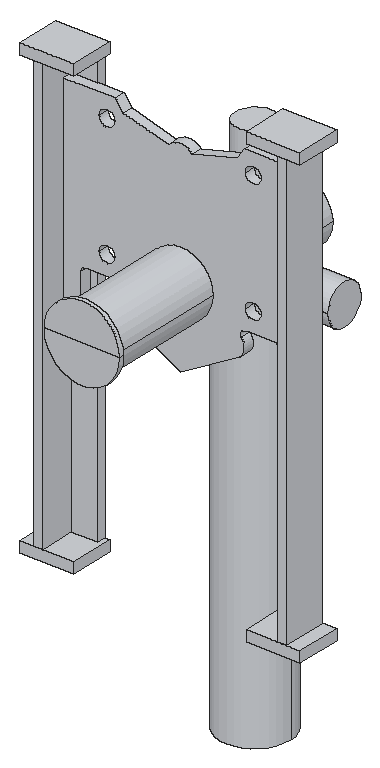
Revit family
Parameters
  Weast Main Pipe Rad = 0' - 2"
  Vent Rad = 0' - 1"
  Nipple Rad [instance] = 0' - 2"
  Model = "MC-14-4-V2"
  Manufacturer = "MIFAB"
  Description = "Fixed Vertical, on stack, 3\" Fixture Carrier"
Reference planes (in)
  plane 1 "Center (Front/Back)": y = 0
  plane 2: z = 0
  plane 3 "Center (Left/Right)": x = 0
Forms (in)
  Extrusion 1, solid
    sketch origin (0, 0.373, 2.99829) x (1, 0, 0) y (0, 0, 1)
      loop
        line (-7.2342, 23.04283) -> (-7.2342, 10.16783) -> (-6.1042, 10.16783) -> (-6.1042, 12.75458)
        arc (-6.1042, 12.75458) -> (-6.01199, 12.96623) -> (-5.7942, 13.04283) r 0.28902
        line (-5.7942, 13.04283) -> (-4.07878, 13.04283)
        arc (-4.07878, 13.04283) -> (-3.77847, 12.89241) -> (-3.71908, 12.56182) r 0.375
        arc (-3.71908, 12.56182) -> (-3.93299, 11.98304) -> (-3.6544, 11.43246) r 0.77182
        line (-3.6544, 11.43246) -> (0, 9.32259) -> (3.6544, 11.43246)
        arc (3.6544, 11.43246) -> (3.93299, 11.98304) -> (3.71908, 12.56182) r 0.77182
        arc (3.71908, 12.56182) -> (3.77847, 12.89241) -> (4.07878, 13.04283) r 0.375
        line (4.07878, 13.04283) -> (5.7942, 13.04283)
        arc (5.7942, 13.04283) -> (6.01199, 12.96623) -> (6.1042, 12.75458) r 0.28902
        line (6.1042, 12.75458) -> (6.1042, 10.16783) -> (7.2342, 10.16783) -> (7.2342, 23.04283) -> (3.9842, 23.04283) -> (3.52337, 22.3847) -> (0.72608, 21.60568)
        arc (0.72608, 21.60568) -> (0, 21.94215) -> (-0.72608, 21.60568) r 0.95164
        line (-0.72608, 21.60568) -> (-3.52337, 22.3847) -> (-3.9842, 23.04283) -> (-7.2342, 23.04283)
      loop
        circle (-4.5, 21.75) r 0.5
      loop
        circle (-4.5, 14.25) r 0.5
      loop
        circle (4.5, 14.25) r 0.5
      loop
        circle (4.5, 21.75) r 0.5
    from 0 to 0.65625
  Extrusion 2, solid
    sketch origin (0, 0, 27.46875) x (-1, 0, 0) y (0, -1, 0)
      loop
        line (5.31343, 1.84575) -> (5.31343, -0.9494) -> (8.625, -0.9494) -> (8.625, 1.84575) -> (5.31343, 1.84575)
      loop
        line (-5.31343, 1.84575) -> (-8.625, 1.84575) -> (-8.625, -0.9494) -> (-5.31343, -0.9494) -> (-5.31343, 1.84575)
    from 0 to 0.6875
  Extrusion 3, solid
    sketch origin (0, 2.4438, 2.99829) x (1, 0, 0) y (0, 1, 0)
      loop
        circle (-0.01742, 3.0243) r 2.19
    from -12.71767 to 13.61609
  Extrusion 4, solid
    sketch origin (0, 0, 2.99829) x (1, 0, 0) y (0, 1, 0)
      loop
        line (-5.6092, 0.373) -> (-5.6092, 0.90425) -> (-7.78061, 0.90425) -> (-7.78061, -1.84575) -> (-7.24936, -1.84575) -> (-7.24936, 0.373) -> (-5.6092, 0.373)
      loop
        line (5.6092, 0.373) -> (7.24936, 0.373) -> (7.24936, -1.84575) -> (7.78061, -1.84575) -> (7.78061, 0.90425) -> (5.6092, 0.90425) -> (5.6092, 0.373)
    from -2.31079 to 24.47046
  Extrusion 5, solid
    sketch origin (0, 0, 0) x (0, 1, 0) y (-1, 0, 0)
      loop
        line (-1.84575, 5.31343) -> (0.9494, 5.31343) -> (0.9494, 8.625) -> (-1.84575, 8.625) -> (-1.84575, 5.31343)
      loop
        line (-1.84575, -5.31343) -> (-1.84575, -8.625) -> (0.9494, -8.625) -> (0.9494, -5.31343) -> (-1.84575, -5.31343)
    from 0 to 0.6875
  Revolve 6, solid
    sketch origin (0, 0, 17.24829) x (1, 0, 0) y (0, 1, 0)
      loop
        line (0, -7.84575) -> (0, 8.93066) -> (-2, 8.93066) -> (-2, -7.59575) -> (-2.3265, -7.59575) -> (-2.3265, -7.84575) -> (0, -7.84575)
      axis (0, -7.84575) -> (0, 8.93066)
    angle from 0 to 360
  Extrusion 7, solid
    sketch origin (0, 2.4438, 30.23047) x (0, -1, 0) y (1, 0, 0)
      loop
        circle (-3.0243, -0.01742) r 1.2
    from -12.12165 to -6.48218
  Extrusion 8, solid
    sketch origin (-5.59554, 2.43629, 3.1972) x (0, 1, 0) y (0, 0, 1)
      loop
        circle (3.0243, 12.28344) r 1.25
    from 0.09554 to 11.09554
Cuts and joins
  joined: Extrusion 1, Extrusion 3, Revolve 6, Extrusion 7, Extrusion 8
Dimensions and locks (in)
  Extrusion 1 sketch curve to Extrusion 1 sketch curve = 0' - 7 1/2"
  Revolve 6 sketch curve to Revolve 6 sketch curve = 0' - 2.3265"
  aligned and locked: Extrusion 4 to Extrusion 2
  aligned and locked: Extrusion 4 to Extrusion 5
Connectors (in)
  piping at (0, -7.84575, 17.24829), driven by "Nipple Rad"
    settings: on cut or joined group of Extrusion 1, Extrusion 3, Revolve 6, Extrusion 7, Extrusion 8, index 1
  piping at (-0.01742, 5.4681, -9.71938), driven by "Weast Main Pipe Rad"
    settings: on Extrusion 3, index 2
  piping at (-0.01742, 5.4681, 23.74829), driven by "Vent Rad"
    settings: on Extrusion 7, index 3
